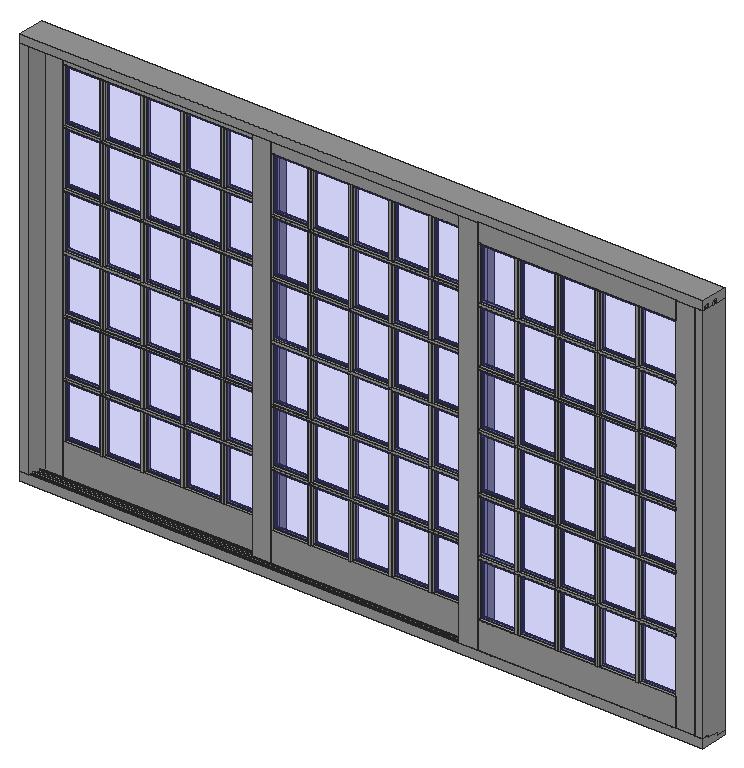
Revit family "VSD3.6SPTS LH", category Doors, host Wall, Revit 2015
Parameters (values of type "VSD3.6SPTS LH")
  Function = Interior
  Frame Projection Ext. = 25 mm
  Frame Projection Int. = 25 mm
  Frame Width = 75 mm
  Height = 2100 mm
  Wall Closure = By host
  Width = 3580 mm
Reference planes
  plane 1: y = 0
  plane 2 "Center (Left/Right)": x = 0
  plane 3 "Left": x = -1790
  plane 4 "Right": x = 1790
  plane 5: z = 2100
  plane 6 "Exterior": y = 75
  plane 7 "Interior": y = -75
  plane 8: x = 1745
  plane 9: x = 1640
  plane 10: x = -1745
  plane 11: x = -1640
  plane 12: x = 616.667
  plane 13: x = 511.667
  plane 14: x = -616.667
  plane 15: x = -511.667
  plane 16: x = 616.667
  plane 17: x = 511.667
  plane 18: x = -616.667
  plane 19: x = -511.667
  plane 20: x = -1640
  plane 21: x = -1745
  plane 22: x = -511.667
  plane 23: x = -616.667
Forms (mm)
  Extrusion 1, solid, material "Lauan, Meranti"
    sketch origin (0, 79.18, -119.746) x (0, 1, 0) y (0, 0, -1)
      loop
        line (-149.18, -119.746) -> (-149.18, -164.746) -> (-141.18, -164.746) -> (-141.18, -163.746) -> (-117.18, -163.746) -> (-117.18, -152.746) -> (-85.18, -152.746) -> (-85.18, -151.746) -> (-61.18, -151.746) -> (-61.18, -140.746) -> (-9.18, -140.746) -> (-9.18, -119.746) -> (-149.18, -119.746)
    from -1790 to 1790
  Extrusion 2, solid, material "Lauan, Meranti"
    sketch origin (0, 0, 0) x (0, 1, 0) y (0, 0, -1)
      loop
        line (70, -2100) -> (70, -2055) -> (17, -2055) -> (17, -2075) -> (-5, -2075) -> (-5, -2055) -> (-39, -2055) -> (-39, -2075) -> (-61, -2075) -> (-61, -2055) -> (-70, -2055) -> (-70, -2100) -> (70, -2100)
    from -1790 to 1790
  Extrusion 3, solid, material "Lauan, Meranti"
    sketch origin (0, 0, 0) x (-1, 0, 0) y (0, -1, 0)
      loop
        line (-1790, -70) -> (-1747, -70) -> (-1747, -50) -> (-1745, -50) -> (-1745, 70) -> (-1790, 70) -> (-1790, -70)
      loop
        line (1790, -70) -> (1790, 70) -> (1745, 70) -> (1745, -50) -> (1747, -50) -> (1747, -70) -> (1790, -70)
    from 45 to 2055
  Extrusion 4, solid, material "Lauan, Meranti"
    sketch origin (0, 0, 0) x (-1, 0, 0) y (0, -1, 0)
      loop
        line (-1745, -50) -> (-1745, 38) -> (-1790, 38) -> (-1790, -70) -> (-1747, -70) -> (-1747, -50) -> (-1745, -50)
      loop
        line (1745, -50) -> (1747, -50) -> (1747, -70) -> (1790, -70) -> (1790, 38) -> (1745, 38) -> (1745, -50)
    from 33 to 45
  Extrusion 5, solid, material "Steel, Chrome Plated"
    sketch origin (0, 0, 0) x (0, 1, 0) y (0, 0, -1)
      loop
        line (-38, -45) -> (-38, -44) -> (-62, -44) -> (-62, -45) -> (-51, -45) -> (-51, -46.882)
        arc (-51, -46.882) -> (-50, -49.5) -> (-49, -46.882) r 1.5
        line (-49, -46.882) -> (-49, -45) -> (-38, -45)
    from -1790 to 1790
  Extrusion 6, solid, material "Lauan, Meranti"
    sketch origin (0, 0, 0) x (-1, 0, 0) y (0, -1, 0)
      loop
        line (-1790, -70) -> (-1747, -70) -> (-1747, -50) -> (-1745, -50) -> (-1745, -18) -> (-1790, -18) -> (-1790, -70)
      loop
        line (1790, -70) -> (1790, -18) -> (1745, -18) -> (1745, -50) -> (1747, -50) -> (1747, -70) -> (1790, -70)
    from 21 to 33
  Extrusion 7, solid, material "Steel, Chrome Plated"
    sketch origin (0, 56, -12) x (0, 1, 0) y (0, 0, -1)
      loop
        line (-38, -45) -> (-38, -44) -> (-62, -44) -> (-62, -45) -> (-51, -45) -> (-51, -46.882)
        arc (-51, -46.882) -> (-50, -49.5) -> (-49, -46.882) r 1.5
        line (-49, -46.882) -> (-49, -45) -> (-38, -45)
    from -616.667 to 1790
  Extrusion 8, solid, material "Lauan, Meranti"
    sketch origin (0, 0, 0) x (-1, 0, 0) y (0, -1, 0)
      loop
        line (-1649, 70) -> (-1745, 70) -> (-1745, 30) -> (-1649, 30) -> (-1649, 60) -> (-1640, 60) -> (-1640, 62) -> (-1642, 62)
        arc (-1642, 62) -> (-1644.265, 66.44) -> (-1649, 68) r 6.549
        line (-1649, 68) -> (-1649, 70)
      loop
        line (-607.667, 70) -> (-607.667, 68)
        arc (-607.667, 68) -> (-612.401, 66.44) -> (-614.667, 62) r 6.549
        line (-614.667, 62) -> (-616.667, 62) -> (-616.667, 60) -> (-607.667, 60) -> (-607.667, 30) -> (-511.667, 30) -> (-511.667, 70) -> (-607.667, 70)
    from 45 to 2055
  Extrusion 9, solid, material "Lauan, Meranti"
    sketch origin (-1630, 104, 0) x (-1, 0, 0) y (0, -1, 0)
      loop
        line (19, 70) -> (19, 68)
        arc (19, 68) -> (14.265, 66.44) -> (12, 62) r 6.549
        line (12, 62) -> (10, 62) -> (10, 60) -> (19, 60) -> (19, 30) -> (115, 30) -> (115, 70) -> (19, 70)
      loop
        line (-1022.333, 70) -> (-1118.333, 70) -> (-1118.333, 30) -> (-1022.333, 30) -> (-1022.333, 60) -> (-1013.333, 60) -> (-1013.333, 62) -> (-1015.333, 62)
        arc (-1015.333, 62) -> (-1017.599, 66.44) -> (-1022.333, 68) r 6.549
        line (-1022.333, 68) -> (-1022.333, 70)
    from 21 to 2055
  Extrusion 10, solid, material "Lauan, Meranti"
    sketch origin (-815, 56, 0) x (-1, 0, 0) y (0, -1, 0)
      loop
        line (-1335.667, 70) -> (-1431.667, 70) -> (-1431.667, 30) -> (-1335.667, 30) -> (-1335.667, 60) -> (-1326.667, 60) -> (-1326.667, 62) -> (-1328.667, 62)
        arc (-1328.667, 62) -> (-1330.932, 66.44) -> (-1335.667, 68) r 6.549
        line (-1335.667, 68) -> (-1335.667, 70)
      loop
        line (-294.333, 70) -> (-294.333, 68)
        arc (-294.333, 68) -> (-299.068, 66.44) -> (-301.333, 62) r 6.549
        line (-301.333, 62) -> (-303.333, 62) -> (-303.333, 60) -> (-294.333, 60) -> (-294.333, 30) -> (-198.333, 30) -> (-198.333, 70) -> (-294.333, 70)
    from 33 to 2055
  Extrusion 11, solid, material "Steel, Chrome Plated"
    sketch origin (0, 0, 0) x (0, 1, 0) y (0, 0, -1)
      loop
        line (16.5, -2075) -> (16.5, -2055) -> (14.3, -2055) -> (14.3, -2072.8) -> (-2.3, -2072.8) -> (-2.3, -2055) -> (-4.5, -2055) -> (-4.5, -2075) -> (16.5, -2075)
    from -1790 to 1790
  Extrusion 12, solid, material "Steel, Chrome Plated"
    sketch origin (0, -56, 0) x (0, 1, 0) y (0, 0, -1)
      loop
        line (16.5, -2075) -> (16.5, -2055) -> (14.3, -2055) -> (14.3, -2072.8) -> (-2.3, -2072.8) -> (-2.3, -2055) -> (-4.5, -2055) -> (-4.5, -2075) -> (16.5, -2075)
    from -1790 to 1790
  Extrusion 13, solid, material "Lauan, Meranti"
    sketch origin (-1900, 49.5, 0) x (0, 1, 0) y (0, 0, -1)
      loop
        line (-15.5, -190) -> (-13.5, -190)
        arc (-13.5, -190) -> (-11.866, -194.67) -> (-7.5, -197) r 6.807
        line (-7.5, -197) -> (-7.5, -199) -> (-5.5, -199) -> (-5.5, -190) -> (24.5, -190) -> (24.5, -21) -> (-15.5, -21) -> (-15.5, -190)
      loop
        arc (-7.5, -1952) -> (-11.866, -1954.33) -> (-13.5, -1959) r 6.807
        line (-13.5, -1959) -> (-15.5, -1959) -> (-15.5, -2055) -> (24.5, -2055) -> (24.5, -1959) -> (-5.5, -1959) -> (-5.5, -1950) -> (-7.5, -1950) -> (-7.5, -1952)
      loop
        line (-15.5, -1675) -> (-13.5, -1675)
        arc (-13.5, -1675) -> (-11.866, -1679.67) -> (-7.5, -1682) r 6.807
        line (-7.5, -1682) -> (-7.5, -1684) -> (-5.5, -1684) -> (-5.5, -1675) -> (24.5, -1675) -> (24.5, -1662) -> (-5.5, -1662) -> (-5.5, -1653) -> (-7.5, -1653) -> (-7.5, -1655)
        arc (-7.5, -1655) -> (-11.866, -1657.33) -> (-13.5, -1662) r 6.807
        line (-13.5, -1662) -> (-15.5, -1662) -> (-15.5, -1675)
      loop
        line (-15.5, -1378) -> (-13.5, -1378)
        arc (-13.5, -1378) -> (-11.866, -1382.67) -> (-7.5, -1385) r 6.807
        line (-7.5, -1385) -> (-7.5, -1387) -> (-5.5, -1387) -> (-5.5, -1378) -> (24.5, -1378) -> (24.5, -1365) -> (-5.5, -1365) -> (-5.5, -1356) -> (-7.5, -1356) -> (-7.5, -1358)
        arc (-7.5, -1358) -> (-11.866, -1360.33) -> (-13.5, -1365) r 6.807
        line (-13.5, -1365) -> (-15.5, -1365) -> (-15.5, -1378)
      loop
        line (-15.5, -1081) -> (-13.5, -1081)
        arc (-13.5, -1081) -> (-11.866, -1085.67) -> (-7.5, -1088) r 6.807
        line (-7.5, -1088) -> (-7.5, -1090) -> (-5.5, -1090) -> (-5.5, -1081) -> (24.5, -1081) -> (24.5, -1068) -> (-5.5, -1068) -> (-5.5, -1059) -> (-7.5, -1059) -> (-7.5, -1061)
        arc (-7.5, -1061) -> (-11.866, -1063.33) -> (-13.5, -1068) r 6.807
        line (-13.5, -1068) -> (-15.5, -1068) -> (-15.5, -1081)
      loop
        line (-15.5, -784) -> (-13.5, -784)
        arc (-13.5, -784) -> (-11.866, -788.67) -> (-7.5, -791) r 6.807
        line (-7.5, -791) -> (-7.5, -793) -> (-5.5, -793) -> (-5.5, -784) -> (24.5, -784) -> (24.5, -771) -> (-5.5, -771) -> (-5.5, -762) -> (-7.5, -762) -> (-7.5, -764)
        arc (-7.5, -764) -> (-11.866, -766.33) -> (-13.5, -771) r 6.807
        line (-13.5, -771) -> (-15.5, -771) -> (-15.5, -784)
      loop
        line (-15.5, -487) -> (-13.5, -487)
        arc (-13.5, -487) -> (-11.866, -491.67) -> (-7.5, -494) r 6.807
        line (-7.5, -494) -> (-7.5, -496) -> (-5.5, -496) -> (-5.5, -487) -> (24.5, -487) -> (24.5, -474) -> (-5.5, -474) -> (-5.5, -465) -> (-7.5, -465) -> (-7.5, -467)
        arc (-7.5, -467) -> (-11.866, -469.33) -> (-13.5, -474) r 6.807
        line (-13.5, -474) -> (-15.5, -474) -> (-15.5, -487)
    from -1292.333 to -251
  Sweep 14, solid, material "Lauan, Meranti"
    path origin (-1135.605, -72, -781.763) x (-1, 0, 0) y (0, 0, -1)
      loop
        line (315.535, -2740.763) -> (513.395, -2740.763) -> (513.395, -2456.763) -> (315.535, -2456.763) -> (315.535, -2740.763)
    profile origin (-1550.07, -72, 1959) x (0, 0, -1) y (0, -1, 0)
      loop
        line (9, -124.5) -> (0, -124.5) -> (0, -132.5)
        arc (0, -132.5) -> (4.67, -130.866) -> (7, -126.5) r 6.807
        line (7, -126.5) -> (9, -126.5) -> (9, -124.5)
  Extrusion 15, solid, material "Glass"
    sketch origin (-1408.125, -61.05, -73.649) x (-1, 0, 0) y (0, 0, -1)
      loop
        line (240.875, -2032.649) -> (240.875, -1748.649) -> (43.015, -1748.649) -> (43.015, -2032.649) -> (240.875, -2032.649)
      loop
        line (30.015, -2032.649) -> (30.015, -1748.649) -> (-167.845, -1748.649) -> (-167.845, -2032.649) -> (30.015, -2032.649)
      loop
        line (-180.845, -2032.649) -> (-180.845, -1748.649) -> (-378.705, -1748.649) -> (-378.705, -2032.649) -> (-180.845, -2032.649)
      loop
        line (-391.715, -2032.637) -> (-391.715, -1748.649) -> (-589.565, -1748.649) -> (-589.565, -2032.637) -> (-391.715, -2032.637)
      loop
        line (-602.565, -2032.649) -> (-602.565, -1748.649) -> (-800.458, -1748.649) -> (-800.458, -2032.649) -> (-602.565, -2032.649)
      loop
        line (240.875, -1735.649) -> (240.875, -1451.649) -> (43.015, -1451.649) -> (43.015, -1735.649) -> (240.875, -1735.649)
      loop
        line (30.015, -1735.649) -> (30.015, -1451.649) -> (-167.845, -1451.649) -> (-167.845, -1735.649) -> (30.015, -1735.649)
      loop
        line (-180.845, -1735.649) -> (-180.845, -1451.649) -> (-378.705, -1451.649) -> (-378.705, -1735.649) -> (-180.845, -1735.649)
      loop
        line (-391.715, -1735.637) -> (-391.715, -1451.649) -> (-589.565, -1451.649) -> (-589.565, -1735.637) -> (-391.715, -1735.637)
      loop
        line (-602.565, -1735.649) -> (-602.565, -1451.649) -> (-800.458, -1451.649) -> (-800.458, -1735.649) -> (-602.565, -1735.649)
      loop
        line (240.875, -1438.649) -> (240.875, -1154.649) -> (43.015, -1154.649) -> (43.015, -1438.649) -> (240.875, -1438.649)
      loop
        line (30.015, -1438.649) -> (30.015, -1154.649) -> (-167.845, -1154.649) -> (-167.845, -1438.649) -> (30.015, -1438.649)
      loop
        line (-180.845, -1438.649) -> (-180.845, -1154.649) -> (-378.705, -1154.649) -> (-378.705, -1438.649) -> (-180.845, -1438.649)
      loop
        line (-391.715, -1438.637) -> (-391.715, -1154.649) -> (-589.565, -1154.649) -> (-589.565, -1438.637) -> (-391.715, -1438.637)
      loop
        line (-602.565, -1438.649) -> (-602.565, -1154.649) -> (-800.458, -1154.649) -> (-800.458, -1438.649) -> (-602.565, -1438.649)
      loop
        line (240.875, -1141.649) -> (240.875, -857.649) -> (43.015, -857.649) -> (43.015, -1141.649) -> (240.875, -1141.649)
      loop
        line (30.015, -1141.649) -> (30.015, -857.649) -> (-167.845, -857.649) -> (-167.845, -1141.649) -> (30.015, -1141.649)
      loop
        line (-180.845, -1141.649) -> (-180.845, -857.649) -> (-378.705, -857.649) -> (-378.705, -1141.649) -> (-180.845, -1141.649)
      loop
        line (-391.715, -1141.637) -> (-391.715, -857.649) -> (-589.565, -857.649) -> (-589.565, -1141.637) -> (-391.715, -1141.637)
      loop
        line (-602.565, -1141.649) -> (-602.565, -857.649) -> (-800.458, -857.649) -> (-800.458, -1141.649) -> (-602.565, -1141.649)
      loop
        line (240.875, -844.649) -> (240.875, -560.649) -> (43.015, -560.649) -> (43.015, -844.649) -> (240.875, -844.649)
      loop
        line (30.015, -844.649) -> (30.015, -560.649) -> (-167.845, -560.649) -> (-167.845, -844.649) -> (30.015, -844.649)
      loop
        line (-180.845, -844.649) -> (-180.845, -560.649) -> (-378.705, -560.649) -> (-378.705, -844.649) -> (-180.845, -844.649)
      loop
        line (-391.715, -844.637) -> (-391.715, -560.649) -> (-589.565, -560.649) -> (-589.565, -844.637) -> (-391.715, -844.637)
      loop
        line (-602.565, -844.649) -> (-602.565, -560.649) -> (-800.458, -560.649) -> (-800.458, -844.649) -> (-602.565, -844.649)
      loop
        line (240.875, -547.649) -> (240.875, -263.649) -> (43.015, -263.649) -> (43.015, -547.649) -> (240.875, -547.649)
      loop
        line (30.015, -547.649) -> (30.015, -263.649) -> (-167.845, -263.649) -> (-167.845, -547.649) -> (30.015, -547.649)
      loop
        line (-180.845, -547.649) -> (-180.845, -263.649) -> (-378.705, -263.649) -> (-378.705, -547.649) -> (-180.845, -547.649)
      loop
        line (-391.715, -547.637) -> (-391.715, -263.649) -> (-589.565, -263.649) -> (-589.565, -547.637) -> (-391.715, -547.637)
      loop
        line (-602.565, -547.649) -> (-602.565, -263.649) -> (-800.458, -263.649) -> (-800.458, -547.649) -> (-602.565, -547.649)
    from -112.5 to -106.1
  Extrusion 16, solid, material "Lauan, Meranti"
    sketch origin (-880, 3, 0) x (-1, 0, 0) y (0, -1, 0)
      loop
        line (558.14, -31) -> (558.14, -33)
        arc (558.14, -33) -> (553.47, -34.634) -> (551.14, -39) r 6.807
        line (551.14, -39) -> (549.14, -39) -> (549.14, -41) -> (558.14, -41) -> (558.14, -71) -> (571.14, -71) -> (571.14, -41) -> (580.14, -41) -> (580.14, -39) -> (578.14, -39)
        arc (578.14, -39) -> (575.81, -34.634) -> (571.14, -33) r 6.807
        line (571.14, -33) -> (571.14, -31) -> (558.14, -31)
      loop
        line (347.28, -31) -> (347.28, -33)
        arc (347.28, -33) -> (342.61, -34.634) -> (340.28, -39) r 6.807
        line (340.28, -39) -> (338.28, -39) -> (338.28, -41) -> (347.28, -41) -> (347.28, -71) -> (360.28, -71) -> (360.28, -41) -> (369.28, -41) -> (369.28, -39) -> (367.28, -39)
        arc (367.28, -39) -> (364.95, -34.634) -> (360.28, -33) r 6.807
        line (360.28, -33) -> (360.28, -31) -> (347.28, -31)
      loop
        line (136.42, -31) -> (136.42, -33)
        arc (136.42, -33) -> (131.75, -34.634) -> (129.42, -39) r 6.807
        line (129.42, -39) -> (127.42, -39) -> (127.42, -41) -> (136.42, -41) -> (136.42, -71) -> (149.42, -71) -> (149.42, -41) -> (158.42, -41) -> (158.42, -39) -> (156.42, -39)
        arc (156.42, -39) -> (154.09, -34.634) -> (149.42, -33) r 6.807
        line (149.42, -33) -> (149.42, -31) -> (136.42, -31)
      loop
        line (-74.44, -31) -> (-74.44, -33)
        arc (-74.44, -33) -> (-79.11, -34.634) -> (-81.44, -39) r 6.807
        line (-81.44, -39) -> (-83.44, -39) -> (-83.44, -41) -> (-74.44, -41) -> (-74.44, -71) -> (-61.44, -71) -> (-61.44, -41) -> (-52.44, -41) -> (-52.44, -39) -> (-54.44, -39)
        arc (-54.44, -39) -> (-56.77, -34.634) -> (-61.44, -33) r 6.807
        line (-61.44, -33) -> (-61.44, -31) -> (-74.44, -31)
    from 1675 to 1959
  Sweep 17, solid, material "Lauan, Meranti"
    path origin (-924.745, -72, -781.763) x (-1, 0, 0) y (0, 0, -1)
      loop
        line (315.535, -2740.763) -> (513.395, -2740.763) -> (513.395, -2456.763) -> (315.535, -2456.763) -> (315.535, -2740.763)
    profile origin (-1339.21, -72, 1959) x (0, 0, -1) y (0, -1, 0)
      loop
        line (9, -124.5) -> (0, -124.5) -> (0, -132.5)
        arc (0, -132.5) -> (4.67, -130.866) -> (7, -126.5) r 6.807
        line (7, -126.5) -> (9, -126.5) -> (9, -124.5)
  Sweep 18, solid, material "Lauan, Meranti"
    path origin (-713.885, -72, -781.763) x (-1, 0, 0) y (0, 0, -1)
      loop
        line (315.535, -2740.763) -> (513.395, -2740.763) -> (513.395, -2456.763) -> (315.535, -2456.763) -> (315.535, -2740.763)
    profile origin (-1128.35, -72, 1959) x (0, 0, -1) y (0, -1, 0)
      loop
        line (9, -124.5) -> (0, -124.5) -> (0, -132.5)
        arc (0, -132.5) -> (4.67, -130.866) -> (7, -126.5) r 6.807
        line (7, -126.5) -> (9, -126.5) -> (9, -124.5)
  Sweep 19, solid, material "Lauan, Meranti"
    path origin (-503.025, -72, -781.763) x (-1, 0, 0) y (0, 0, -1)
      loop
        line (315.535, -2740.763) -> (513.395, -2740.763) -> (513.395, -2456.763) -> (315.535, -2456.763) -> (315.535, -2740.763)
    profile origin (-917.49, -72, 1959) x (0, 0, -1) y (0, -1, 0)
      loop
        line (9, -124.5) -> (0, -124.5) -> (0, -132.5)
        arc (0, -132.5) -> (4.67, -130.866) -> (7, -126.5) r 6.807
        line (7, -126.5) -> (9, -126.5) -> (9, -124.5)
  Sweep 20, solid, material "Lauan, Meranti"
    path origin (-292.165, -72, -781.763) x (-1, 0, 0) y (0, 0, -1)
      loop
        line (315.535, -2740.763) -> (513.395, -2740.763) -> (513.395, -2456.763) -> (315.535, -2456.763) -> (315.535, -2740.763)
    profile origin (-706.63, -72, 1959) x (0, 0, -1) y (0, -1, 0)
      loop
        line (9, -124.5) -> (0, -124.5) -> (0, -132.5)
        arc (0, -132.5) -> (4.67, -130.866) -> (7, -126.5) r 6.807
        line (7, -126.5) -> (9, -126.5) -> (9, -124.5)
  Sweep 21, solid, material "Lauan, Meranti"
    path origin (-1135.605, -72, -1078.763) x (-1, 0, 0) y (0, 0, -1)
      loop
        line (315.535, -2740.763) -> (513.395, -2740.763) -> (513.395, -2456.763) -> (315.535, -2456.763) -> (315.535, -2740.763)
    profile origin (-1550.07, -72, 1662) x (0, 0, -1) y (0, -1, 0)
      loop
        line (9, -124.5) -> (0, -124.5) -> (0, -132.5)
        arc (0, -132.5) -> (4.67, -130.866) -> (7, -126.5) r 6.807
        line (7, -126.5) -> (9, -126.5) -> (9, -124.5)
  Extrusion 22, solid, material "Lauan, Meranti"
    sketch origin (-880, 3, -297) x (-1, 0, 0) y (0, -1, 0)
      loop
        line (558.14, -31) -> (558.14, -33)
        arc (558.14, -33) -> (553.47, -34.634) -> (551.14, -39) r 6.807
        line (551.14, -39) -> (549.14, -39) -> (549.14, -41) -> (558.14, -41) -> (558.14, -71) -> (571.14, -71) -> (571.14, -41) -> (580.14, -41) -> (580.14, -39) -> (578.14, -39)
        arc (578.14, -39) -> (575.81, -34.634) -> (571.14, -33) r 6.807
        line (571.14, -33) -> (571.14, -31) -> (558.14, -31)
      loop
        line (347.28, -31) -> (347.28, -33)
        arc (347.28, -33) -> (342.61, -34.634) -> (340.28, -39) r 6.807
        line (340.28, -39) -> (338.28, -39) -> (338.28, -41) -> (347.28, -41) -> (347.28, -71) -> (360.28, -71) -> (360.28, -41) -> (369.28, -41) -> (369.28, -39) -> (367.28, -39)
        arc (367.28, -39) -> (364.95, -34.634) -> (360.28, -33) r 6.807
        line (360.28, -33) -> (360.28, -31) -> (347.28, -31)
      loop
        line (136.42, -31) -> (136.42, -33)
        arc (136.42, -33) -> (131.75, -34.634) -> (129.42, -39) r 6.807
        line (129.42, -39) -> (127.42, -39) -> (127.42, -41) -> (136.42, -41) -> (136.42, -71) -> (149.42, -71) -> (149.42, -41) -> (158.42, -41) -> (158.42, -39) -> (156.42, -39)
        arc (156.42, -39) -> (154.09, -34.634) -> (149.42, -33) r 6.807
        line (149.42, -33) -> (149.42, -31) -> (136.42, -31)
      loop
        line (-74.44, -31) -> (-74.44, -33)
        arc (-74.44, -33) -> (-79.11, -34.634) -> (-81.44, -39) r 6.807
        line (-81.44, -39) -> (-83.44, -39) -> (-83.44, -41) -> (-74.44, -41) -> (-74.44, -71) -> (-61.44, -71) -> (-61.44, -41) -> (-52.44, -41) -> (-52.44, -39) -> (-54.44, -39)
        arc (-54.44, -39) -> (-56.77, -34.634) -> (-61.44, -33) r 6.807
        line (-61.44, -33) -> (-61.44, -31) -> (-74.44, -31)
    from 1675 to 1959
  Sweep 23, solid, material "Lauan, Meranti"
    path origin (-924.745, -72, -1078.763) x (-1, 0, 0) y (0, 0, -1)
      loop
        line (315.535, -2740.763) -> (513.395, -2740.763) -> (513.395, -2456.763) -> (315.535, -2456.763) -> (315.535, -2740.763)
    profile origin (-1339.21, -72, 1662) x (0, 0, -1) y (0, -1, 0)
      loop
        line (9, -124.5) -> (0, -124.5) -> (0, -132.5)
        arc (0, -132.5) -> (4.67, -130.866) -> (7, -126.5) r 6.807
        line (7, -126.5) -> (9, -126.5) -> (9, -124.5)
  Sweep 24, solid, material "Lauan, Meranti"
    path origin (-713.885, -72, -1078.763) x (-1, 0, 0) y (0, 0, -1)
      loop
        line (315.535, -2740.763) -> (513.395, -2740.763) -> (513.395, -2456.763) -> (315.535, -2456.763) -> (315.535, -2740.763)
    profile origin (-1128.35, -72, 1662) x (0, 0, -1) y (0, -1, 0)
      loop
        line (9, -124.5) -> (0, -124.5) -> (0, -132.5)
        arc (0, -132.5) -> (4.67, -130.866) -> (7, -126.5) r 6.807
        line (7, -126.5) -> (9, -126.5) -> (9, -124.5)
  Sweep 25, solid, material "Lauan, Meranti"
    path origin (-503.025, -72, -1078.763) x (-1, 0, 0) y (0, 0, -1)
      loop
        line (315.535, -2740.763) -> (513.395, -2740.763) -> (513.395, -2456.763) -> (315.535, -2456.763) -> (315.535, -2740.763)
    profile origin (-917.49, -72, 1662) x (0, 0, -1) y (0, -1, 0)
      loop
        line (9, -124.5) -> (0, -124.5) -> (0, -132.5)
        arc (0, -132.5) -> (4.67, -130.866) -> (7, -126.5) r 6.807
        line (7, -126.5) -> (9, -126.5) -> (9, -124.5)
  Sweep 26, solid, material "Lauan, Meranti"
    path origin (-292.165, -72, -1078.763) x (-1, 0, 0) y (0, 0, -1)
      loop
        line (315.535, -2740.763) -> (513.395, -2740.763) -> (513.395, -2456.763) -> (315.535, -2456.763) -> (315.535, -2740.763)
    profile origin (-706.63, -72, 1662) x (0, 0, -1) y (0, -1, 0)
      loop
        line (9, -124.5) -> (0, -124.5) -> (0, -132.5)
        arc (0, -132.5) -> (4.67, -130.866) -> (7, -126.5) r 6.807
        line (7, -126.5) -> (9, -126.5) -> (9, -124.5)
  Sweep 27, solid, material "Lauan, Meranti"
    path origin (-1135.605, -72, -1375.763) x (-1, 0, 0) y (0, 0, -1)
      loop
        line (315.535, -2740.763) -> (513.395, -2740.763) -> (513.395, -2456.763) -> (315.535, -2456.763) -> (315.535, -2740.763)
    profile origin (-1550.07, -72, 1365) x (0, 0, -1) y (0, -1, 0)
      loop
        line (9, -124.5) -> (0, -124.5) -> (0, -132.5)
        arc (0, -132.5) -> (4.67, -130.866) -> (7, -126.5) r 6.807
        line (7, -126.5) -> (9, -126.5) -> (9, -124.5)
  Extrusion 28, solid, material "Lauan, Meranti"
    sketch origin (-880, 3, -594) x (-1, 0, 0) y (0, -1, 0)
      loop
        line (558.14, -31) -> (558.14, -33)
        arc (558.14, -33) -> (553.47, -34.634) -> (551.14, -39) r 6.807
        line (551.14, -39) -> (549.14, -39) -> (549.14, -41) -> (558.14, -41) -> (558.14, -71) -> (571.14, -71) -> (571.14, -41) -> (580.14, -41) -> (580.14, -39) -> (578.14, -39)
        arc (578.14, -39) -> (575.81, -34.634) -> (571.14, -33) r 6.807
        line (571.14, -33) -> (571.14, -31) -> (558.14, -31)
      loop
        line (347.28, -31) -> (347.28, -33)
        arc (347.28, -33) -> (342.61, -34.634) -> (340.28, -39) r 6.807
        line (340.28, -39) -> (338.28, -39) -> (338.28, -41) -> (347.28, -41) -> (347.28, -71) -> (360.28, -71) -> (360.28, -41) -> (369.28, -41) -> (369.28, -39) -> (367.28, -39)
        arc (367.28, -39) -> (364.95, -34.634) -> (360.28, -33) r 6.807
        line (360.28, -33) -> (360.28, -31) -> (347.28, -31)
      loop
        line (136.42, -31) -> (136.42, -33)
        arc (136.42, -33) -> (131.75, -34.634) -> (129.42, -39) r 6.807
        line (129.42, -39) -> (127.42, -39) -> (127.42, -41) -> (136.42, -41) -> (136.42, -71) -> (149.42, -71) -> (149.42, -41) -> (158.42, -41) -> (158.42, -39) -> (156.42, -39)
        arc (156.42, -39) -> (154.09, -34.634) -> (149.42, -33) r 6.807
        line (149.42, -33) -> (149.42, -31) -> (136.42, -31)
      loop
        line (-74.44, -31) -> (-74.44, -33)
        arc (-74.44, -33) -> (-79.11, -34.634) -> (-81.44, -39) r 6.807
        line (-81.44, -39) -> (-83.44, -39) -> (-83.44, -41) -> (-74.44, -41) -> (-74.44, -71) -> (-61.44, -71) -> (-61.44, -41) -> (-52.44, -41) -> (-52.44, -39) -> (-54.44, -39)
        arc (-54.44, -39) -> (-56.77, -34.634) -> (-61.44, -33) r 6.807
        line (-61.44, -33) -> (-61.44, -31) -> (-74.44, -31)
    from 1675 to 1959
  Sweep 29, solid, material "Lauan, Meranti"
    path origin (-924.745, -72, -1375.763) x (-1, 0, 0) y (0, 0, -1)
      loop
        line (315.535, -2740.763) -> (513.395, -2740.763) -> (513.395, -2456.763) -> (315.535, -2456.763) -> (315.535, -2740.763)
    profile origin (-1339.21, -72, 1365) x (0, 0, -1) y (0, -1, 0)
      loop
        line (9, -124.5) -> (0, -124.5) -> (0, -132.5)
        arc (0, -132.5) -> (4.67, -130.866) -> (7, -126.5) r 6.807
        line (7, -126.5) -> (9, -126.5) -> (9, -124.5)
  Sweep 30, solid, material "Lauan, Meranti"
    path origin (-713.885, -72, -1375.763) x (-1, 0, 0) y (0, 0, -1)
      loop
        line (315.535, -2740.763) -> (513.395, -2740.763) -> (513.395, -2456.763) -> (315.535, -2456.763) -> (315.535, -2740.763)
    profile origin (-1128.35, -72, 1365) x (0, 0, -1) y (0, -1, 0)
      loop
        line (9, -124.5) -> (0, -124.5) -> (0, -132.5)
        arc (0, -132.5) -> (4.67, -130.866) -> (7, -126.5) r 6.807
        line (7, -126.5) -> (9, -126.5) -> (9, -124.5)
  Sweep 31, solid, material "Lauan, Meranti"
    path origin (-503.025, -72, -1375.763) x (-1, 0, 0) y (0, 0, -1)
      loop
        line (315.535, -2740.763) -> (513.395, -2740.763) -> (513.395, -2456.763) -> (315.535, -2456.763) -> (315.535, -2740.763)
    profile origin (-917.49, -72, 1365) x (0, 0, -1) y (0, -1, 0)
      loop
        line (9, -124.5) -> (0, -124.5) -> (0, -132.5)
        arc (0, -132.5) -> (4.67, -130.866) -> (7, -126.5) r 6.807
        line (7, -126.5) -> (9, -126.5) -> (9, -124.5)
  Sweep 32, solid, material "Lauan, Meranti"
    path origin (-292.165, -72, -1375.763) x (-1, 0, 0) y (0, 0, -1)
      loop
        line (315.535, -2740.763) -> (513.395, -2740.763) -> (513.395, -2456.763) -> (315.535, -2456.763) -> (315.535, -2740.763)
    profile origin (-706.63, -72, 1365) x (0, 0, -1) y (0, -1, 0)
      loop
        line (9, -124.5) -> (0, -124.5) -> (0, -132.5)
        arc (0, -132.5) -> (4.67, -130.866) -> (7, -126.5) r 6.807
        line (7, -126.5) -> (9, -126.5) -> (9, -124.5)
  Sweep 33, solid, material "Lauan, Meranti"
    path origin (-1135.605, -72, -1672.763) x (-1, 0, 0) y (0, 0, -1)
      loop
        line (315.535, -2740.763) -> (513.395, -2740.763) -> (513.395, -2456.763) -> (315.535, -2456.763) -> (315.535, -2740.763)
    profile origin (-1550.07, -72, 1068) x (0, 0, -1) y (0, -1, 0)
      loop
        line (9, -124.5) -> (0, -124.5) -> (0, -132.5)
        arc (0, -132.5) -> (4.67, -130.866) -> (7, -126.5) r 6.807
        line (7, -126.5) -> (9, -126.5) -> (9, -124.5)
  Extrusion 34, solid, material "Lauan, Meranti"
    sketch origin (-880, 3, -891) x (-1, 0, 0) y (0, -1, 0)
      loop
        line (558.14, -31) -> (558.14, -33)
        arc (558.14, -33) -> (553.47, -34.634) -> (551.14, -39) r 6.807
        line (551.14, -39) -> (549.14, -39) -> (549.14, -41) -> (558.14, -41) -> (558.14, -71) -> (571.14, -71) -> (571.14, -41) -> (580.14, -41) -> (580.14, -39) -> (578.14, -39)
        arc (578.14, -39) -> (575.81, -34.634) -> (571.14, -33) r 6.807
        line (571.14, -33) -> (571.14, -31) -> (558.14, -31)
      loop
        line (347.28, -31) -> (347.28, -33)
        arc (347.28, -33) -> (342.61, -34.634) -> (340.28, -39) r 6.807
        line (340.28, -39) -> (338.28, -39) -> (338.28, -41) -> (347.28, -41) -> (347.28, -71) -> (360.28, -71) -> (360.28, -41) -> (369.28, -41) -> (369.28, -39) -> (367.28, -39)
        arc (367.28, -39) -> (364.95, -34.634) -> (360.28, -33) r 6.807
        line (360.28, -33) -> (360.28, -31) -> (347.28, -31)
      loop
        line (136.42, -31) -> (136.42, -33)
        arc (136.42, -33) -> (131.75, -34.634) -> (129.42, -39) r 6.807
        line (129.42, -39) -> (127.42, -39) -> (127.42, -41) -> (136.42, -41) -> (136.42, -71) -> (149.42, -71) -> (149.42, -41) -> (158.42, -41) -> (158.42, -39) -> (156.42, -39)
        arc (156.42, -39) -> (154.09, -34.634) -> (149.42, -33) r 6.807
        line (149.42, -33) -> (149.42, -31) -> (136.42, -31)
      loop
        line (-74.44, -31) -> (-74.44, -33)
        arc (-74.44, -33) -> (-79.11, -34.634) -> (-81.44, -39) r 6.807
        line (-81.44, -39) -> (-83.44, -39) -> (-83.44, -41) -> (-74.44, -41) -> (-74.44, -71) -> (-61.44, -71) -> (-61.44, -41) -> (-52.44, -41) -> (-52.44, -39) -> (-54.44, -39)
        arc (-54.44, -39) -> (-56.77, -34.634) -> (-61.44, -33) r 6.807
        line (-61.44, -33) -> (-61.44, -31) -> (-74.44, -31)
    from 1675 to 1959
  Sweep 35, solid, material "Lauan, Meranti"
    path origin (-924.745, -72, -1672.763) x (-1, 0, 0) y (0, 0, -1)
      loop
        line (315.535, -2740.763) -> (513.395, -2740.763) -> (513.395, -2456.763) -> (315.535, -2456.763) -> (315.535, -2740.763)
    profile origin (-1339.21, -72, 1068) x (0, 0, -1) y (0, -1, 0)
      loop
        line (9, -124.5) -> (0, -124.5) -> (0, -132.5)
        arc (0, -132.5) -> (4.67, -130.866) -> (7, -126.5) r 6.807
        line (7, -126.5) -> (9, -126.5) -> (9, -124.5)
  Sweep 36, solid, material "Lauan, Meranti"
    path origin (-713.885, -72, -1672.763) x (-1, 0, 0) y (0, 0, -1)
      loop
        line (315.535, -2740.763) -> (513.395, -2740.763) -> (513.395, -2456.763) -> (315.535, -2456.763) -> (315.535, -2740.763)
    profile origin (-1128.35, -72, 1068) x (0, 0, -1) y (0, -1, 0)
      loop
        line (9, -124.5) -> (0, -124.5) -> (0, -132.5)
        arc (0, -132.5) -> (4.67, -130.866) -> (7, -126.5) r 6.807
        line (7, -126.5) -> (9, -126.5) -> (9, -124.5)
  Sweep 37, solid, material "Lauan, Meranti"
    path origin (-503.025, -72, -1672.763) x (-1, 0, 0) y (0, 0, -1)
      loop
        line (315.535, -2740.763) -> (513.395, -2740.763) -> (513.395, -2456.763) -> (315.535, -2456.763) -> (315.535, -2740.763)
    profile origin (-917.49, -72, 1068) x (0, 0, -1) y (0, -1, 0)
      loop
        line (9, -124.5) -> (0, -124.5) -> (0, -132.5)
        arc (0, -132.5) -> (4.67, -130.866) -> (7, -126.5) r 6.807
        line (7, -126.5) -> (9, -126.5) -> (9, -124.5)
  Sweep 38, solid, material "Lauan, Meranti"
    path origin (-292.165, -72, -1672.763) x (-1, 0, 0) y (0, 0, -1)
      loop
        line (315.535, -2740.763) -> (513.395, -2740.763) -> (513.395, -2456.763) -> (315.535, -2456.763) -> (315.535, -2740.763)
    profile origin (-706.63, -72, 1068) x (0, 0, -1) y (0, -1, 0)
      loop
        line (9, -124.5) -> (0, -124.5) -> (0, -132.5)
        arc (0, -132.5) -> (4.67, -130.866) -> (7, -126.5) r 6.807
        line (7, -126.5) -> (9, -126.5) -> (9, -124.5)
  Sweep 39, solid, material "Lauan, Meranti"
    path origin (-1135.605, -72, -1969.763) x (-1, 0, 0) y (0, 0, -1)
      loop
        line (315.535, -2740.763) -> (513.395, -2740.763) -> (513.395, -2456.763) -> (315.535, -2456.763) -> (315.535, -2740.763)
    profile origin (-1550.07, -72, 771) x (0, 0, -1) y (0, -1, 0)
      loop
        line (9, -124.5) -> (0, -124.5) -> (0, -132.5)
        arc (0, -132.5) -> (4.67, -130.866) -> (7, -126.5) r 6.807
        line (7, -126.5) -> (9, -126.5) -> (9, -124.5)
  Extrusion 40, solid, material "Lauan, Meranti"
    sketch origin (-880, 3, -1188) x (-1, 0, 0) y (0, -1, 0)
      loop
        line (558.14, -31) -> (558.14, -33)
        arc (558.14, -33) -> (553.47, -34.634) -> (551.14, -39) r 6.807
        line (551.14, -39) -> (549.14, -39) -> (549.14, -41) -> (558.14, -41) -> (558.14, -71) -> (571.14, -71) -> (571.14, -41) -> (580.14, -41) -> (580.14, -39) -> (578.14, -39)
        arc (578.14, -39) -> (575.81, -34.634) -> (571.14, -33) r 6.807
        line (571.14, -33) -> (571.14, -31) -> (558.14, -31)
      loop
        line (347.28, -31) -> (347.28, -33)
        arc (347.28, -33) -> (342.61, -34.634) -> (340.28, -39) r 6.807
        line (340.28, -39) -> (338.28, -39) -> (338.28, -41) -> (347.28, -41) -> (347.28, -71) -> (360.28, -71) -> (360.28, -41) -> (369.28, -41) -> (369.28, -39) -> (367.28, -39)
        arc (367.28, -39) -> (364.95, -34.634) -> (360.28, -33) r 6.807
        line (360.28, -33) -> (360.28, -31) -> (347.28, -31)
      loop
        line (136.42, -31) -> (136.42, -33)
        arc (136.42, -33) -> (131.75, -34.634) -> (129.42, -39) r 6.807
        line (129.42, -39) -> (127.42, -39) -> (127.42, -41) -> (136.42, -41) -> (136.42, -71) -> (149.42, -71) -> (149.42, -41) -> (158.42, -41) -> (158.42, -39) -> (156.42, -39)
        arc (156.42, -39) -> (154.09, -34.634) -> (149.42, -33) r 6.807
        line (149.42, -33) -> (149.42, -31) -> (136.42, -31)
      loop
        line (-74.44, -31) -> (-74.44, -33)
        arc (-74.44, -33) -> (-79.11, -34.634) -> (-81.44, -39) r 6.807
        line (-81.44, -39) -> (-83.44, -39) -> (-83.44, -41) -> (-74.44, -41) -> (-74.44, -71) -> (-61.44, -71) -> (-61.44, -41) -> (-52.44, -41) -> (-52.44, -39) -> (-54.44, -39)
        arc (-54.44, -39) -> (-56.77, -34.634) -> (-61.44, -33) r 6.807
        line (-61.44, -33) -> (-61.44, -31) -> (-74.44, -31)
    from 1675 to 1959
  Sweep 41, solid, material "Lauan, Meranti"
    path origin (-924.745, -72, -1969.763) x (-1, 0, 0) y (0, 0, -1)
      loop
        line (315.535, -2740.763) -> (513.395, -2740.763) -> (513.395, -2456.763) -> (315.535, -2456.763) -> (315.535, -2740.763)
    profile origin (-1339.21, -72, 771) x (0, 0, -1) y (0, -1, 0)
      loop
        line (9, -124.5) -> (0, -124.5) -> (0, -132.5)
        arc (0, -132.5) -> (4.67, -130.866) -> (7, -126.5) r 6.807
        line (7, -126.5) -> (9, -126.5) -> (9, -124.5)
  Sweep 42, solid, material "Lauan, Meranti"
    path origin (-713.885, -72, -1969.763) x (-1, 0, 0) y (0, 0, -1)
      loop
        line (315.535, -2740.763) -> (513.395, -2740.763) -> (513.395, -2456.763) -> (315.535, -2456.763) -> (315.535, -2740.763)
    profile origin (-1128.35, -72, 771) x (0, 0, -1) y (0, -1, 0)
      loop
        line (9, -124.5) -> (0, -124.5) -> (0, -132.5)
        arc (0, -132.5) -> (4.67, -130.866) -> (7, -126.5) r 6.807
        line (7, -126.5) -> (9, -126.5) -> (9, -124.5)
  Sweep 43, solid, material "Lauan, Meranti"
    path origin (-503.025, -72, -1969.763) x (-1, 0, 0) y (0, 0, -1)
      loop
        line (315.535, -2740.763) -> (513.395, -2740.763) -> (513.395, -2456.763) -> (315.535, -2456.763) -> (315.535, -2740.763)
    profile origin (-917.49, -72, 771) x (0, 0, -1) y (0, -1, 0)
      loop
        line (9, -124.5) -> (0, -124.5) -> (0, -132.5)
        arc (0, -132.5) -> (4.67, -130.866) -> (7, -126.5) r 6.807
        line (7, -126.5) -> (9, -126.5) -> (9, -124.5)
  Sweep 44, solid, material "Lauan, Meranti"
    path origin (-292.165, -72, -1969.763) x (-1, 0, 0) y (0, 0, -1)
      loop
        line (315.535, -2740.763) -> (513.395, -2740.763) -> (513.395, -2456.763) -> (315.535, -2456.763) -> (315.535, -2740.763)
    profile origin (-706.63, -72, 771) x (0, 0, -1) y (0, -1, 0)
      loop
        line (9, -124.5) -> (0, -124.5) -> (0, -132.5)
        arc (0, -132.5) -> (4.67, -130.866) -> (7, -126.5) r 6.807
        line (7, -126.5) -> (9, -126.5) -> (9, -124.5)
  Sweep 45, solid, material "Lauan, Meranti"
    path origin (-1135.605, -72, -2266.763) x (-1, 0, 0) y (0, 0, -1)
      loop
        line (315.535, -2740.763) -> (513.395, -2740.763) -> (513.395, -2456.763) -> (315.535, -2456.763) -> (315.535, -2740.763)
    profile origin (-1550.07, -72, 474) x (0, 0, -1) y (0, -1, 0)
      loop
        line (9, -124.5) -> (0, -124.5) -> (0, -132.5)
        arc (0, -132.5) -> (4.67, -130.866) -> (7, -126.5) r 6.807
        line (7, -126.5) -> (9, -126.5) -> (9, -124.5)
  Extrusion 46, solid, material "Lauan, Meranti"
    sketch origin (-880, 3, -1485) x (-1, 0, 0) y (0, -1, 0)
      loop
        line (558.14, -31) -> (558.14, -33)
        arc (558.14, -33) -> (553.47, -34.634) -> (551.14, -39) r 6.807
        line (551.14, -39) -> (549.14, -39) -> (549.14, -41) -> (558.14, -41) -> (558.14, -71) -> (571.14, -71) -> (571.14, -41) -> (580.14, -41) -> (580.14, -39) -> (578.14, -39)
        arc (578.14, -39) -> (575.81, -34.634) -> (571.14, -33) r 6.807
        line (571.14, -33) -> (571.14, -31) -> (558.14, -31)
      loop
        line (347.28, -31) -> (347.28, -33)
        arc (347.28, -33) -> (342.61, -34.634) -> (340.28, -39) r 6.807
        line (340.28, -39) -> (338.28, -39) -> (338.28, -41) -> (347.28, -41) -> (347.28, -71) -> (360.28, -71) -> (360.28, -41) -> (369.28, -41) -> (369.28, -39) -> (367.28, -39)
        arc (367.28, -39) -> (364.95, -34.634) -> (360.28, -33) r 6.807
        line (360.28, -33) -> (360.28, -31) -> (347.28, -31)
      loop
        line (136.42, -31) -> (136.42, -33)
        arc (136.42, -33) -> (131.75, -34.634) -> (129.42, -39) r 6.807
        line (129.42, -39) -> (127.42, -39) -> (127.42, -41) -> (136.42, -41) -> (136.42, -71) -> (149.42, -71) -> (149.42, -41) -> (158.42, -41) -> (158.42, -39) -> (156.42, -39)
        arc (156.42, -39) -> (154.09, -34.634) -> (149.42, -33) r 6.807
        line (149.42, -33) -> (149.42, -31) -> (136.42, -31)
      loop
        line (-74.44, -31) -> (-74.44, -33)
        arc (-74.44, -33) -> (-79.11, -34.634) -> (-81.44, -39) r 6.807
        line (-81.44, -39) -> (-83.44, -39) -> (-83.44, -41) -> (-74.44, -41) -> (-74.44, -71) -> (-61.44, -71) -> (-61.44, -41) -> (-52.44, -41) -> (-52.44, -39) -> (-54.44, -39)
        arc (-54.44, -39) -> (-56.77, -34.634) -> (-61.44, -33) r 6.807
        line (-61.44, -33) -> (-61.44, -31) -> (-74.44, -31)
    from 1675 to 1959
  Sweep 47, solid, material "Lauan, Meranti"
    path origin (-924.745, -72, -2266.763) x (-1, 0, 0) y (0, 0, -1)
      loop
        line (315.535, -2740.763) -> (513.395, -2740.763) -> (513.395, -2456.763) -> (315.535, -2456.763) -> (315.535, -2740.763)
    profile origin (-1339.21, -72, 474) x (0, 0, -1) y (0, -1, 0)
      loop
        line (9, -124.5) -> (0, -124.5) -> (0, -132.5)
        arc (0, -132.5) -> (4.67, -130.866) -> (7, -126.5) r 6.807
        line (7, -126.5) -> (9, -126.5) -> (9, -124.5)
  Sweep 48, solid, material "Lauan, Meranti"
    path origin (-713.885, -72, -2266.763) x (-1, 0, 0) y (0, 0, -1)
      loop
        line (315.535, -2740.763) -> (513.395, -2740.763) -> (513.395, -2456.763) -> (315.535, -2456.763) -> (315.535, -2740.763)
    profile origin (-1128.35, -72, 474) x (0, 0, -1) y (0, -1, 0)
      loop
        line (9, -124.5) -> (0, -124.5) -> (0, -132.5)
        arc (0, -132.5) -> (4.67, -130.866) -> (7, -126.5) r 6.807
        line (7, -126.5) -> (9, -126.5) -> (9, -124.5)
  Sweep 49, solid, material "Lauan, Meranti"
    path origin (-503.025, -72, -2266.763) x (-1, 0, 0) y (0, 0, -1)
      loop
        line (315.535, -2740.763) -> (513.395, -2740.763) -> (513.395, -2456.763) -> (315.535, -2456.763) -> (315.535, -2740.763)
    profile origin (-917.49, -72, 474) x (0, 0, -1) y (0, -1, 0)
      loop
        line (9, -124.5) -> (0, -124.5) -> (0, -132.5)
        arc (0, -132.5) -> (4.67, -130.866) -> (7, -126.5) r 6.807
        line (7, -126.5) -> (9, -126.5) -> (9, -124.5)
  Sweep 50, solid, material "Lauan, Meranti"
    path origin (-292.165, -72, -2266.763) x (-1, 0, 0) y (0, 0, -1)
      loop
        line (315.535, -2740.763) -> (513.395, -2740.763) -> (513.395, -2456.763) -> (315.535, -2456.763) -> (315.535, -2740.763)
    profile origin (-706.63, -72, 474) x (0, 0, -1) y (0, -1, 0)
      loop
        line (9, -124.5) -> (0, -124.5) -> (0, -132.5)
        arc (0, -132.5) -> (4.67, -130.866) -> (7, -126.5) r 6.807
        line (7, -126.5) -> (9, -126.5) -> (9, -124.5)
  Extrusion 51, solid, material "Lauan, Meranti"
    sketch origin (-771.667, 1.5, 0) x (0, 1, 0) y (0, 0, -1)
      loop
        line (-15.5, -190) -> (-13.5, -190)
        arc (-13.5, -190) -> (-11.866, -194.67) -> (-7.5, -197) r 6.807
        line (-7.5, -197) -> (-7.5, -199) -> (-5.5, -199) -> (-5.5, -190) -> (24.5, -190) -> (24.5, -33) -> (-15.5, -33) -> (-15.5, -190)
      loop
        arc (-7.5, -1952) -> (-11.866, -1954.33) -> (-13.5, -1959) r 6.807
        line (-13.5, -1959) -> (-15.5, -1959) -> (-15.5, -2055) -> (24.5, -2055) -> (24.5, -1959) -> (-5.5, -1959) -> (-5.5, -1950) -> (-7.5, -1950) -> (-7.5, -1952)
      loop
        line (-15.5, -1675) -> (-13.5, -1675)
        arc (-13.5, -1675) -> (-11.866, -1679.67) -> (-7.5, -1682) r 6.807
        line (-7.5, -1682) -> (-7.5, -1684) -> (-5.5, -1684) -> (-5.5, -1675) -> (24.5, -1675) -> (24.5, -1662) -> (-5.5, -1662) -> (-5.5, -1653) -> (-7.5, -1653) -> (-7.5, -1655)
        arc (-7.5, -1655) -> (-11.866, -1657.33) -> (-13.5, -1662) r 6.807
        line (-13.5, -1662) -> (-15.5, -1662) -> (-15.5, -1675)
      loop
        line (-15.5, -1378) -> (-13.5, -1378)
        arc (-13.5, -1378) -> (-11.866, -1382.67) -> (-7.5, -1385) r 6.807
        line (-7.5, -1385) -> (-7.5, -1387) -> (-5.5, -1387) -> (-5.5, -1378) -> (24.5, -1378) -> (24.5, -1365) -> (-5.5, -1365) -> (-5.5, -1356) -> (-7.5, -1356) -> (-7.5, -1358)
        arc (-7.5, -1358) -> (-11.866, -1360.33) -> (-13.5, -1365) r 6.807
        line (-13.5, -1365) -> (-15.5, -1365) -> (-15.5, -1378)
      loop
        line (-15.5, -1081) -> (-13.5, -1081)
        arc (-13.5, -1081) -> (-11.866, -1085.67) -> (-7.5, -1088) r 6.807
        line (-7.5, -1088) -> (-7.5, -1090) -> (-5.5, -1090) -> (-5.5, -1081) -> (24.5, -1081) -> (24.5, -1068) -> (-5.5, -1068) -> (-5.5, -1059) -> (-7.5, -1059) -> (-7.5, -1061)
        arc (-7.5, -1061) -> (-11.866, -1063.33) -> (-13.5, -1068) r 6.807
        line (-13.5, -1068) -> (-15.5, -1068) -> (-15.5, -1081)
      loop
        line (-15.5, -784) -> (-13.5, -784)
        arc (-13.5, -784) -> (-11.866, -788.67) -> (-7.5, -791) r 6.807
        line (-7.5, -791) -> (-7.5, -793) -> (-5.5, -793) -> (-5.5, -784) -> (24.5, -784) -> (24.5, -771) -> (-5.5, -771) -> (-5.5, -762) -> (-7.5, -762) -> (-7.5, -764)
        arc (-7.5, -764) -> (-11.866, -766.33) -> (-13.5, -771) r 6.807
        line (-13.5, -771) -> (-15.5, -771) -> (-15.5, -784)
      loop
        line (-15.5, -487) -> (-13.5, -487)
        arc (-13.5, -487) -> (-11.866, -491.67) -> (-7.5, -494) r 6.807
        line (-7.5, -494) -> (-7.5, -496) -> (-5.5, -496) -> (-5.5, -487) -> (24.5, -487) -> (24.5, -474) -> (-5.5, -474) -> (-5.5, -465) -> (-7.5, -465) -> (-7.5, -467)
        arc (-7.5, -467) -> (-11.866, -469.33) -> (-13.5, -474) r 6.807
        line (-13.5, -474) -> (-15.5, -474) -> (-15.5, -487)
    from -1292.333 to -251
  Sweep 52, solid, material "Lauan, Meranti"
    path origin (-7.272, -120, -781.763) x (-1, 0, 0) y (0, 0, -1)
      loop
        line (315.535, -2740.763) -> (513.395, -2740.763) -> (513.395, -2456.763) -> (315.535, -2456.763) -> (315.535, -2740.763)
    profile origin (-421.737, -120, 1959) x (0, 0, -1) y (0, -1, 0)
      loop
        line (9, -124.5) -> (0, -124.5) -> (0, -132.5)
        arc (0, -132.5) -> (4.67, -130.866) -> (7, -126.5) r 6.807
        line (7, -126.5) -> (9, -126.5) -> (9, -124.5)
  Extrusion 53, solid, material "Glass"
    sketch origin (-279.792, -109.05, -73.649) x (-1, 0, 0) y (0, 0, -1)
      loop
        line (240.875, -2032.649) -> (240.875, -1748.649) -> (43.015, -1748.649) -> (43.015, -2032.649) -> (240.875, -2032.649)
      loop
        line (30.015, -2032.649) -> (30.015, -1748.649) -> (-167.845, -1748.649) -> (-167.845, -2032.649) -> (30.015, -2032.649)
      loop
        line (-180.845, -2032.649) -> (-180.845, -1748.649) -> (-378.705, -1748.649) -> (-378.705, -2032.649) -> (-180.845, -2032.649)
      loop
        line (-391.715, -2032.637) -> (-391.715, -1748.649) -> (-589.565, -1748.649) -> (-589.565, -2032.637) -> (-391.715, -2032.637)
      loop
        line (-602.565, -2032.649) -> (-602.565, -1748.649) -> (-800.458, -1748.649) -> (-800.458, -2032.649) -> (-602.565, -2032.649)
      loop
        line (240.875, -1735.649) -> (240.875, -1451.649) -> (43.015, -1451.649) -> (43.015, -1735.649) -> (240.875, -1735.649)
      loop
        line (30.015, -1735.649) -> (30.015, -1451.649) -> (-167.845, -1451.649) -> (-167.845, -1735.649) -> (30.015, -1735.649)
      loop
        line (-180.845, -1735.649) -> (-180.845, -1451.649) -> (-378.705, -1451.649) -> (-378.705, -1735.649) -> (-180.845, -1735.649)
      loop
        line (-391.715, -1735.637) -> (-391.715, -1451.649) -> (-589.565, -1451.649) -> (-589.565, -1735.637) -> (-391.715, -1735.637)
      loop
        line (-602.565, -1735.649) -> (-602.565, -1451.649) -> (-800.458, -1451.649) -> (-800.458, -1735.649) -> (-602.565, -1735.649)
      loop
        line (240.875, -1438.649) -> (240.875, -1154.649) -> (43.015, -1154.649) -> (43.015, -1438.649) -> (240.875, -1438.649)
      loop
        line (30.015, -1438.649) -> (30.015, -1154.649) -> (-167.845, -1154.649) -> (-167.845, -1438.649) -> (30.015, -1438.649)
      loop
        line (-180.845, -1438.649) -> (-180.845, -1154.649) -> (-378.705, -1154.649) -> (-378.705, -1438.649) -> (-180.845, -1438.649)
      loop
        line (-391.715, -1438.637) -> (-391.715, -1154.649) -> (-589.565, -1154.649) -> (-589.565, -1438.637) -> (-391.715, -1438.637)
      loop
        line (-602.565, -1438.649) -> (-602.565, -1154.649) -> (-800.458, -1154.649) -> (-800.458, -1438.649) -> (-602.565, -1438.649)
      loop
        line (240.875, -1141.649) -> (240.875, -857.649) -> (43.015, -857.649) -> (43.015, -1141.649) -> (240.875, -1141.649)
      loop
        line (30.015, -1141.649) -> (30.015, -857.649) -> (-167.845, -857.649) -> (-167.845, -1141.649) -> (30.015, -1141.649)
      loop
        line (-180.845, -1141.649) -> (-180.845, -857.649) -> (-378.705, -857.649) -> (-378.705, -1141.649) -> (-180.845, -1141.649)
      loop
        line (-391.715, -1141.637) -> (-391.715, -857.649) -> (-589.565, -857.649) -> (-589.565, -1141.637) -> (-391.715, -1141.637)
      loop
        line (-602.565, -1141.649) -> (-602.565, -857.649) -> (-800.458, -857.649) -> (-800.458, -1141.649) -> (-602.565, -1141.649)
      loop
        line (240.875, -844.649) -> (240.875, -560.649) -> (43.015, -560.649) -> (43.015, -844.649) -> (240.875, -844.649)
      loop
        line (30.015, -844.649) -> (30.015, -560.649) -> (-167.845, -560.649) -> (-167.845, -844.649) -> (30.015, -844.649)
      loop
        line (-180.845, -844.649) -> (-180.845, -560.649) -> (-378.705, -560.649) -> (-378.705, -844.649) -> (-180.845, -844.649)
      loop
        line (-391.715, -844.637) -> (-391.715, -560.649) -> (-589.565, -560.649) -> (-589.565, -844.637) -> (-391.715, -844.637)
      loop
        line (-602.565, -844.649) -> (-602.565, -560.649) -> (-800.458, -560.649) -> (-800.458, -844.649) -> (-602.565, -844.649)
      loop
        line (240.875, -547.649) -> (240.875, -263.649) -> (43.015, -263.649) -> (43.015, -547.649) -> (240.875, -547.649)
      loop
        line (30.015, -547.649) -> (30.015, -263.649) -> (-167.845, -263.649) -> (-167.845, -547.649) -> (30.015, -547.649)
      loop
        line (-180.845, -547.649) -> (-180.845, -263.649) -> (-378.705, -263.649) -> (-378.705, -547.649) -> (-180.845, -547.649)
      loop
        line (-391.715, -547.637) -> (-391.715, -263.649) -> (-589.565, -263.649) -> (-589.565, -547.637) -> (-391.715, -547.637)
      loop
        line (-602.565, -547.649) -> (-602.565, -263.649) -> (-800.458, -263.649) -> (-800.458, -547.649) -> (-602.565, -547.649)
    from -112.5 to -106.1
  Extrusion 54, solid, material "Lauan, Meranti"
    sketch origin (248.333, -45, 0) x (-1, 0, 0) y (0, -1, 0)
      loop
        line (558.14, -31) -> (558.14, -33)
        arc (558.14, -33) -> (553.47, -34.634) -> (551.14, -39) r 6.807
        line (551.14, -39) -> (549.14, -39) -> (549.14, -41) -> (558.14, -41) -> (558.14, -71) -> (571.14, -71) -> (571.14, -41) -> (580.14, -41) -> (580.14, -39) -> (578.14, -39)
        arc (578.14, -39) -> (575.81, -34.634) -> (571.14, -33) r 6.807
        line (571.14, -33) -> (571.14, -31) -> (558.14, -31)
      loop
        line (347.28, -31) -> (347.28, -33)
        arc (347.28, -33) -> (342.61, -34.634) -> (340.28, -39) r 6.807
        line (340.28, -39) -> (338.28, -39) -> (338.28, -41) -> (347.28, -41) -> (347.28, -71) -> (360.28, -71) -> (360.28, -41) -> (369.28, -41) -> (369.28, -39) -> (367.28, -39)
        arc (367.28, -39) -> (364.95, -34.634) -> (360.28, -33) r 6.807
        line (360.28, -33) -> (360.28, -31) -> (347.28, -31)
      loop
        line (136.42, -31) -> (136.42, -33)
        arc (136.42, -33) -> (131.75, -34.634) -> (129.42, -39) r 6.807
        line (129.42, -39) -> (127.42, -39) -> (127.42, -41) -> (136.42, -41) -> (136.42, -71) -> (149.42, -71) -> (149.42, -41) -> (158.42, -41) -> (158.42, -39) -> (156.42, -39)
        arc (156.42, -39) -> (154.09, -34.634) -> (149.42, -33) r 6.807
        line (149.42, -33) -> (149.42, -31) -> (136.42, -31)
      loop
        line (-74.44, -31) -> (-74.44, -33)
        arc (-74.44, -33) -> (-79.11, -34.634) -> (-81.44, -39) r 6.807
        line (-81.44, -39) -> (-83.44, -39) -> (-83.44, -41) -> (-74.44, -41) -> (-74.44, -71) -> (-61.44, -71) -> (-61.44, -41) -> (-52.44, -41) -> (-52.44, -39) -> (-54.44, -39)
        arc (-54.44, -39) -> (-56.77, -34.634) -> (-61.44, -33) r 6.807
        line (-61.44, -33) -> (-61.44, -31) -> (-74.44, -31)
    from 1675 to 1959
  Sweep 55, solid, material "Lauan, Meranti"
    path origin (203.588, -120, -781.763) x (-1, 0, 0) y (0, 0, -1)
      loop
        line (315.535, -2740.763) -> (513.395, -2740.763) -> (513.395, -2456.763) -> (315.535, -2456.763) -> (315.535, -2740.763)
    profile origin (-210.877, -120, 1959) x (0, 0, -1) y (0, -1, 0)
      loop
        line (9, -124.5) -> (0, -124.5) -> (0, -132.5)
        arc (0, -132.5) -> (4.67, -130.866) -> (7, -126.5) r 6.807
        line (7, -126.5) -> (9, -126.5) -> (9, -124.5)
  Sweep 56, solid, material "Lauan, Meranti"
    path origin (414.448, -120, -781.763) x (-1, 0, 0) y (0, 0, -1)
      loop
        line (315.535, -2740.763) -> (513.395, -2740.763) -> (513.395, -2456.763) -> (315.535, -2456.763) -> (315.535, -2740.763)
    profile origin (-0.017, -120, 1959) x (0, 0, -1) y (0, -1, 0)
      loop
        line (9, -124.5) -> (0, -124.5) -> (0, -132.5)
        arc (0, -132.5) -> (4.67, -130.866) -> (7, -126.5) r 6.807
        line (7, -126.5) -> (9, -126.5) -> (9, -124.5)
  Sweep 57, solid, material "Lauan, Meranti"
    path origin (625.308, -120, -781.763) x (-1, 0, 0) y (0, 0, -1)
      loop
        line (315.535, -2740.763) -> (513.395, -2740.763) -> (513.395, -2456.763) -> (315.535, -2456.763) -> (315.535, -2740.763)
    profile origin (210.843, -120, 1959) x (0, 0, -1) y (0, -1, 0)
      loop
        line (9, -124.5) -> (0, -124.5) -> (0, -132.5)
        arc (0, -132.5) -> (4.67, -130.866) -> (7, -126.5) r 6.807
        line (7, -126.5) -> (9, -126.5) -> (9, -124.5)
  Sweep 58, solid, material "Lauan, Meranti"
    path origin (836.168, -120, -781.763) x (-1, 0, 0) y (0, 0, -1)
      loop
        line (315.535, -2740.763) -> (513.395, -2740.763) -> (513.395, -2456.763) -> (315.535, -2456.763) -> (315.535, -2740.763)
    profile origin (421.703, -120, 1959) x (0, 0, -1) y (0, -1, 0)
      loop
        line (9, -124.5) -> (0, -124.5) -> (0, -132.5)
        arc (0, -132.5) -> (4.67, -130.866) -> (7, -126.5) r 6.807
        line (7, -126.5) -> (9, -126.5) -> (9, -124.5)
  Sweep 59, solid, material "Lauan, Meranti"
    path origin (-7.272, -120, -1078.763) x (-1, 0, 0) y (0, 0, -1)
      loop
        line (315.535, -2740.763) -> (513.395, -2740.763) -> (513.395, -2456.763) -> (315.535, -2456.763) -> (315.535, -2740.763)
    profile origin (-421.737, -120, 1662) x (0, 0, -1) y (0, -1, 0)
      loop
        line (9, -124.5) -> (0, -124.5) -> (0, -132.5)
        arc (0, -132.5) -> (4.67, -130.866) -> (7, -126.5) r 6.807
        line (7, -126.5) -> (9, -126.5) -> (9, -124.5)
  Extrusion 60, solid, material "Lauan, Meranti"
    sketch origin (248.333, -45, -297) x (-1, 0, 0) y (0, -1, 0)
      loop
        line (558.14, -31) -> (558.14, -33)
        arc (558.14, -33) -> (553.47, -34.634) -> (551.14, -39) r 6.807
        line (551.14, -39) -> (549.14, -39) -> (549.14, -41) -> (558.14, -41) -> (558.14, -71) -> (571.14, -71) -> (571.14, -41) -> (580.14, -41) -> (580.14, -39) -> (578.14, -39)
        arc (578.14, -39) -> (575.81, -34.634) -> (571.14, -33) r 6.807
        line (571.14, -33) -> (571.14, -31) -> (558.14, -31)
      loop
        line (347.28, -31) -> (347.28, -33)
        arc (347.28, -33) -> (342.61, -34.634) -> (340.28, -39) r 6.807
        line (340.28, -39) -> (338.28, -39) -> (338.28, -41) -> (347.28, -41) -> (347.28, -71) -> (360.28, -71) -> (360.28, -41) -> (369.28, -41) -> (369.28, -39) -> (367.28, -39)
        arc (367.28, -39) -> (364.95, -34.634) -> (360.28, -33) r 6.807
        line (360.28, -33) -> (360.28, -31) -> (347.28, -31)
      loop
        line (136.42, -31) -> (136.42, -33)
        arc (136.42, -33) -> (131.75, -34.634) -> (129.42, -39) r 6.807
        line (129.42, -39) -> (127.42, -39) -> (127.42, -41) -> (136.42, -41) -> (136.42, -71) -> (149.42, -71) -> (149.42, -41) -> (158.42, -41) -> (158.42, -39) -> (156.42, -39)
        arc (156.42, -39) -> (154.09, -34.634) -> (149.42, -33) r 6.807
        line (149.42, -33) -> (149.42, -31) -> (136.42, -31)
      loop
        line (-74.44, -31) -> (-74.44, -33)
        arc (-74.44, -33) -> (-79.11, -34.634) -> (-81.44, -39) r 6.807
        line (-81.44, -39) -> (-83.44, -39) -> (-83.44, -41) -> (-74.44, -41) -> (-74.44, -71) -> (-61.44, -71) -> (-61.44, -41) -> (-52.44, -41) -> (-52.44, -39) -> (-54.44, -39)
        arc (-54.44, -39) -> (-56.77, -34.634) -> (-61.44, -33) r 6.807
        line (-61.44, -33) -> (-61.44, -31) -> (-74.44, -31)
    from 1675 to 1959
  Sweep 61, solid, material "Lauan, Meranti"
    path origin (203.588, -120, -1078.763) x (-1, 0, 0) y (0, 0, -1)
      loop
        line (315.535, -2740.763) -> (513.395, -2740.763) -> (513.395, -2456.763) -> (315.535, -2456.763) -> (315.535, -2740.763)
    profile origin (-210.877, -120, 1662) x (0, 0, -1) y (0, -1, 0)
      loop
        line (9, -124.5) -> (0, -124.5) -> (0, -132.5)
        arc (0, -132.5) -> (4.67, -130.866) -> (7, -126.5) r 6.807
        line (7, -126.5) -> (9, -126.5) -> (9, -124.5)
  Sweep 62, solid, material "Lauan, Meranti"
    path origin (414.448, -120, -1078.763) x (-1, 0, 0) y (0, 0, -1)
      loop
        line (315.535, -2740.763) -> (513.395, -2740.763) -> (513.395, -2456.763) -> (315.535, -2456.763) -> (315.535, -2740.763)
    profile origin (-0.017, -120, 1662) x (0, 0, -1) y (0, -1, 0)
      loop
        line (9, -124.5) -> (0, -124.5) -> (0, -132.5)
        arc (0, -132.5) -> (4.67, -130.866) -> (7, -126.5) r 6.807
        line (7, -126.5) -> (9, -126.5) -> (9, -124.5)
